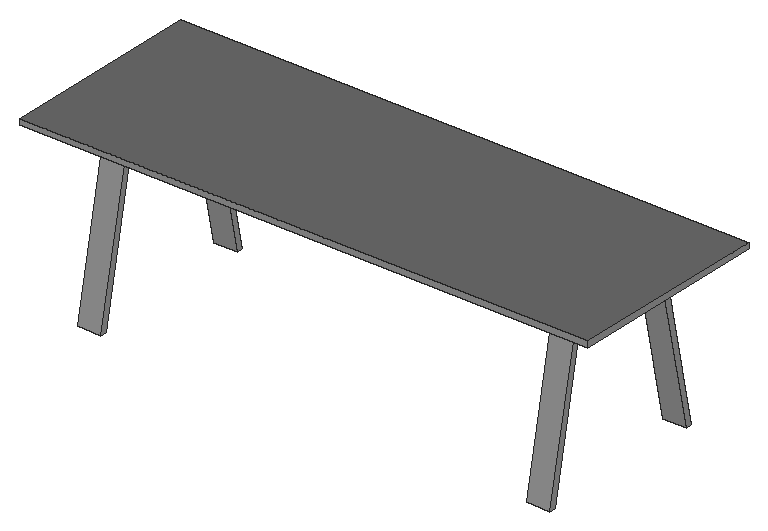
Revit family "Haworth_Cappellini_Bac_Table_Rectangle_EU_PRELIMINARY", category Furniture, Revit 2018
Family settings
  OmniClass Number = 23.40.70.14.64.21
  OmniClass Title = Systems Furniture
  Work Plane-Based = No
  Always vertical = Yes
  Cut with Voids When Loaded = No
  Shared = No
  Room Calculation Point = No
Parameters (values of type "Large Table")
  Warranty = "http://www.haworth.com/resources/product-info/warranties"
  URL - Product = "https://www.haworth.com/eu/en/products/meeting-tables/bac-table.html"
  Top Finish [instance] = Haworth _ Linoleum _ Black E8-307
  Support Offset = 20 cm  # constant formula
  Support Depth = 6.0027 cm  # constant formula
  Small = not(Large)  # no
  Size = "Verify Final Dim. w/ Haworth"  # constant formula
  Model = "BACX"  # constant formula
  URL = "https://www.haworth.com/eu/en.html"
  Support Height = 11 cm  # constant formula
  Revision Number = "4"  # constant formula
  Manufacturer = "Haworth"  # constant formula
  Leg Depth = 10.0013 cm  # constant formula
  Large = yes
  Description = "Haworth - Cappellini - Bac - Table - Rectangle"  # constant formula
  Base Finish [instance] = Haworth _ Wood _ Undecided _ Tables
  Author = "Haworth (Hampton, Abd Rahman)"  # constant formula
  Assembly Code = "E2020200"
  Actual Width = if(Large, 240 cm, 200 cm)  # 240 cm
  Actual Height = 74 cm  # constant formula
  Table Thickness = 2.5 cm  # constant formula
  Actual Depth = 85 cm  # constant formula
Types (3, lengths in cm): name | Small | Large | Actual Width
  (no name) | no | yes | 240
  Small Table | yes | no | 200
  Large Table | no | yes | 240
Reference planes (cm)
  plane 1 "Center F/B": y = -0.403
  plane 2 "Floor": z = 0
  plane 3 "Center L/R": x = 0
  plane 4 "Table Edge Left": x = -120
  plane 5 "Table Edge Right": x = 120
  plane 6 "Table Edge Front": y = -42.903
  plane 7 "Table Edge Back": y = 42.097
  plane 8 "Table Top": z = 74
  plane 9 "masking region": z = 63
  plane 10 "Table Top Bottom": z = 71.5
  plane 11 "Leg Inside Back": y = 2.5984
  plane 12 "Leg Inside Front": y = -3.4044
  plane 13 "Leg Outside Left": x = -100
  plane 14 "Leg Outside Left 2": x = -89.9988
  plane 15 "Leg Inside Left": x = -98.0007
  plane 16 "Leg Inside Left 2": x = -91.998
  plane 17 "Leg Left Center": x = -94.9994
  plane 18 "Leg Outside Right": x = 100
  plane 19 "Leg Outside Right 2": x = 89.9988
  plane 20 "Leg Inside Right": x = 98.0007
  plane 21 "Leg Inside Right 2": x = 91.998
  plane 22 "Leg Center Right": x = 94.9994
  plane 23 "Leg 1": through (1219.2, -22.5529, 71.1217) normal (0, 0.9781, -0.2079)
  plane 24 "Leg 2": through (1219.2, -20.2957, 71.12) normal (0, 0.9781, -0.2079)
  plane 25 "Leg 4": through (1219.2, 21.7389, 71.12) normal (0, 0.9781, 0.2079)
  plane 26 "Leg 3": through (1219.2, 19.4978, 71.1217) normal (0, 0.9781, 0.2079)
Forms (cm)
  Extrusion 1, solid, material "Haworth _ Wood _ Undecided _ Tables" <- "Base Finish"
    sketch origin (0, 0, 0) x (0, 1, 0) y (0, 0, 1)
      loop
        line (-35.4127, 0) -> (-20.2149, 71.5) -> (-22.4725, 71.5) -> (-37.6703, 0) -> (-35.4127, 0)
      loop
        line (34.6152, 0) -> (36.8559, 0) -> (21.6581, 71.5) -> (19.4174, 71.5) -> (34.6152, 0)
    from -100 to -89.9988
  Extrusion 2, solid, material "Haworth _ Wood _ Undecided _ Tables" <- "Base Finish"
    sketch origin (0, 0, 0) x (0, 1, 0) y (0, 0, 1)
      loop
        line (-22.0217, 63) -> (21.2241, 63) -> (19.4174, 71.5) -> (-20.2149, 71.5) -> (-22.0217, 63)
    from -98.0007 to -91.998
  Extrusion 3, solid, material "Haworth _ Wood _ Undecided _ Tables" <- "Base Finish"
    sketch origin (0, 0, 0) x (0, 1, 0) y (0, 0, -1)
      loop
        line (-35.4127, 0) -> (-37.6703, 0) -> (-22.4725, -71.5) -> (-20.2149, -71.5) -> (-35.4127, 0)
      loop
        line (34.6152, 0) -> (19.4174, -71.5) -> (21.6581, -71.5) -> (36.8559, 0) -> (34.6152, 0)
    from -100 to -89.9988
  Extrusion 4, solid, material "Haworth _ Wood _ Undecided _ Tables" <- "Base Finish"
    sketch origin (0, 0, 0) x (0, 1, 0) y (0, 0, -1)
      loop
        line (-22.0217, -63) -> (-20.2149, -71.5) -> (19.4174, -71.5) -> (21.2241, -63) -> (-22.0217, -63)
    from -98.0007 to -91.998
  Extrusion 5, solid, material "Haworth _ Wood _ Undecided _ Tables" <- "Base Finish"
    sketch origin (0, 0, 0) x (0, 1, 0) y (0, 0, 1)
      loop
        line (-3.4044, 71.5) -> (-3.4044, 63) -> (2.5984, 63) -> (2.5984, 71.5) -> (-3.4044, 71.5)
    from -91.998 to 91.998
  Extrusion 6, solid, material "Haworth _ Linoleum _ Black E8-307" <- "Top Finish"
    sketch origin (0, 0, 0) x (1, 0, 0) y (0, 1, 0)
      loop
        line (-120, 42.097) -> (-120, -42.903) -> (120, -42.903) -> (120, 42.097) -> (-120, 42.097)
    from 71.5 to 74
Lines and regions (cm)
  Masking region 1
    outline origin (0, 0, 63) x (0, -1, 0) y (1, 0, 0)
      loop
        line (-42.097, -120) -> (42.903, -120) -> (42.903, 120) -> (-42.097, 120) -> (-42.097, -120)
  symbolic lines, detail levels fine
    curve 1: line (-100, 36.8109, 0) -> (-89.9987, 36.8109, 0)
    curve 2: line (-100, 19.4897, 0) -> (-100, 36.8109, 0)
    curve 3: line (-89.9987, 19.4897, 0) -> (-100, 19.4897, 0)
    curve 4: line (-89.9987, 36.8109, 0) -> (-89.9987, 19.4897, 0)
    curve 5: line (-100, -20.2149, 0) -> (-89.9988, -20.2149, 0)
    curve 6: line (-100, -37.6703, 0) -> (-100, -20.2149, 0)
    curve 7: line (-89.9988, -37.6703, 0) -> (-100, -37.6703, 0)
    curve 8: line (-89.9988, -20.2149, 0) -> (-89.9988, -37.6703, 0)
    curve 9: line (-98.0007, 19.4897, 0) -> (-98.0007, -20.2149, 0)
    curve 10: line (-91.998, 19.4897, 0) -> (-91.998, -20.2149, 0)
    curve 11: line (100, 36.8559, 0) -> (89.9988, 36.8559, 0)
    curve 12: line (100, 19.4897, 0) -> (100, 36.8559, 0)
    curve 13: line (89.9988, 19.4897, 0) -> (100, 19.4897, 0)
    curve 14: line (89.9988, 36.8559, 0) -> (89.9988, 19.4897, 0)
    curve 15: line (100, -20.2957, 0) -> (89.9988, -20.2957, 0)
    curve 16: line (100, -37.6703, 0) -> (100, -20.2957, 0)
    curve 17: line (89.9988, -37.6703, 0) -> (100, -37.6703, 0)
    curve 18: line (89.9988, -20.2957, 0) -> (89.9988, -37.6703, 0)
    curve 19: line (98.0007, 19.4897, 0) -> (98.0007, -20.2957, 0)
    curve 20: line (91.998, 19.4897, 0) -> (91.998, -20.2957, 0)
    curve 21: line (-91.998, 2.5984, 0) -> (91.998, 2.5984, 0)
    curve 22: line (91.998, -3.4044, 0) -> (-91.998, -3.4044, 0)
Dimensions and locks (cm)
  "Actual Depth": plane 7 "Table Edge Back" to plane 6 "Table Edge Front"
  "Actual Width": plane 4 "Table Edge Left" to plane 5 "Table Edge Right"
  equal spacing: plane 4 "Table Edge Left", plane 3 "Center L/R", plane 5 "Table Edge Right"
  equal spacing: plane 7 "Table Edge Back", plane 1 "Center F/B", plane 6 "Table Edge Front"
  "Actual Height": plane 8 "Table Top" to level
  "Support Height": plane 8 "Table Top" to plane 9 "masking region"
  "Table Thickness": plane 8 "Table Top" to plane 10 "Table Top Bottom"
  equal spacing: plane 11 "Leg Inside Back", plane 1 "Center F/B", plane 12 "Leg Inside Front"
  "Support Depth": plane 11 "Leg Inside Back" to plane 12 "Leg Inside Front"
  "Support Offset": plane 4 "Table Edge Left" to plane 13 "Leg Outside Left"
  equal spacing: plane 15 "Leg Inside Left", plane 17 "Leg Left Center", plane 16 "Leg Inside Left 2"
  "Support Depth": plane 15 "Leg Inside Left" to plane 16 "Leg Inside Left 2"
  equal spacing: plane 13 "Leg Outside Left", plane 17 "Leg Left Center", plane 14 "Leg Outside Left 2"
  "Leg Depth": plane 13 "Leg Outside Left" to plane 14 "Leg Outside Left 2"
  equal spacing: plane 20 "Leg Inside Right", plane 22 "Leg Center Right", plane 21 "Leg Inside Right 2"
  equal spacing: plane 18 "Leg Outside Right", plane 22 "Leg Center Right", plane 19 "Leg Outside Right 2"
  "Support Offset": plane 18 "Leg Outside Right" to plane 5 "Table Edge Right"
  "Support Depth": plane 21 "Leg Inside Right 2" to plane 20 "Leg Inside Right"
  "Leg Depth": plane 19 "Leg Outside Right 2" to plane 18 "Leg Outside Right"
  aligned and locked: Extrusion 1 to plane 13 "Leg Outside Left"
  aligned and locked: Extrusion 1 to plane 14 "Leg Outside Left 2"
  aligned: Extrusion 2 to plane 13 "Leg Outside Left"
  aligned and locked: Extrusion 2 to plane 16 "Leg Inside Left 2"
  aligned and locked: Extrusion 2 to plane 15 "Leg Inside Left"
  aligned and locked: curve 2 to Extrusion 1
  aligned and locked: curve 5 to Extrusion 1
  aligned and locked: curve 6 to Extrusion 1
  aligned and locked: curve 7 to Extrusion 1
  aligned and locked: curve 8 to Extrusion 1
  aligned and locked: Extrusion 3 to plane 18 "Leg Outside Right"
  aligned and locked: Extrusion 3 to plane 19 "Leg Outside Right 2"
  aligned and locked: Extrusion 4 to plane 20 "Leg Inside Right"
  aligned and locked: Extrusion 4 to plane 21 "Leg Inside Right 2"
  aligned and locked: curve 12 to plane 18 "Leg Outside Right"
  aligned and locked: curve 16 to plane 18 "Leg Outside Right"
  aligned and locked: plane 20 "Leg Inside Right" to curve 19
  aligned and locked: curve 20 to plane 21 "Leg Inside Right 2"
  aligned and locked: curve 18 to plane 19 "Leg Outside Right 2"
  aligned and locked: curve 14 to plane 19 "Leg Outside Right 2"
  aligned and locked: Extrusion 5 sketch curve to plane 10 "Table Top Bottom"
  aligned and locked: Extrusion 5 sketch curve to plane 12 "Leg Inside Front"
  aligned and locked: Extrusion 5 sketch curve to plane 9 "masking region"
  aligned and locked: Extrusion 5 sketch curve to plane 11 "Leg Inside Back"
  aligned and locked: plane 16 "Leg Inside Left 2" to Extrusion 5
  aligned and locked: plane 21 "Leg Inside Right 2" to Extrusion 5
  aligned and locked: Extrusion 6 sketch curve to plane 7 "Table Edge Back"
  aligned and locked: plane 4 "Table Edge Left" to Extrusion 6 sketch curve
  aligned and locked: plane 6 "Table Edge Front" to Extrusion 6 sketch curve
  aligned and locked: Extrusion 6 sketch curve to plane 5 "Table Edge Right"
  aligned and locked: Extrusion 6 to plane 8 "Table Top"
  aligned and locked: Extrusion 6 to plane 10 "Table Top Bottom"
  aligned and locked: plane 10 "Table Top Bottom" to Extrusion 4
  aligned and locked: Extrusion 4 to plane 24 "Leg 2"
  aligned and locked: Extrusion 4 to plane 26 "Leg 3"
  aligned and locked: plane 9 "masking region" to Extrusion 4
  aligned and locked: plane 9 "masking region" to Extrusion 2
  aligned and locked: plane 10 "Table Top Bottom" to Extrusion 2
  aligned and locked: plane 10 "Table Top Bottom" to Extrusion 3  (x2)
  aligned and locked: plane 10 "Table Top Bottom" to Extrusion 1  (x2)
  aligned and locked: Extrusion 1 to level  (x2)
  aligned and locked: Extrusion 3 to level  (x2)
  aligned and locked: plane 24 "Leg 2" to Extrusion 3
  aligned and locked: Extrusion 3 to plane 23 "Leg 1"
  aligned and locked: Extrusion 3 to plane 26 "Leg 3"
  aligned and locked: Extrusion 3 to plane 25 "Leg 4"
  aligned and locked: curve 21 to plane 11 "Leg Inside Back"
  aligned and locked: curve 22 to plane 12 "Leg Inside Front"
  aligned and locked: Extrusion 3 sketch curve to plane 26 "Leg 3"
  aligned and locked: Extrusion 3 sketch curve to plane 25 "Leg 4"
  aligned and locked: level to Extrusion 3 sketch curve
  aligned and locked: Extrusion 3 sketch curve to plane 10 "Table Top Bottom"
  aligned and locked: plane 10 "Table Top Bottom" to Extrusion 3 sketch curve
  aligned and locked: plane 23 "Leg 1" to Extrusion 3 sketch curve
  aligned and locked: plane 24 "Leg 2" to Extrusion 3 sketch curve
  aligned and locked: Extrusion 3 sketch curve to level
  aligned and locked: Extrusion 4 sketch curve to plane 26 "Leg 3"
  aligned and locked: plane 24 "Leg 2" to Extrusion 4 sketch curve
  aligned and locked: Extrusion 4 sketch curve to plane 9 "masking region"
  aligned and locked: Extrusion 4 sketch curve to plane 10 "Table Top Bottom"
  aligned and locked: Masking region 1 sketch curve to plane 7 "Table Edge Back"
  aligned and locked: plane 4 "Table Edge Left" to Masking region 1 sketch curve
  aligned and locked: plane 6 "Table Edge Front" to Masking region 1 sketch curve
  aligned and locked: Masking region 1 sketch curve to plane 5 "Table Edge Right"
  aligned and locked: plane 24 "Leg 2" to Extrusion 2 sketch curve
  aligned and locked: Extrusion 2 sketch curve to plane 26 "Leg 3"
  aligned and locked: Extrusion 2 sketch curve to plane 10 "Table Top Bottom"
  aligned and locked: Extrusion 2 sketch curve to plane 9 "masking region"
  aligned and locked: plane 23 "Leg 1" to Extrusion 1 sketch curve
  aligned and locked: plane 24 "Leg 2" to Extrusion 1 sketch curve
  aligned and locked: Extrusion 1 sketch curve to plane 26 "Leg 3"
  aligned and locked: Extrusion 1 sketch curve to plane 25 "Leg 4"
  aligned and locked: Extrusion 1 sketch curve to plane 10 "Table Top Bottom"
  aligned and locked: plane 10 "Table Top Bottom" to Extrusion 1 sketch curve
  aligned and locked: Extrusion 1 sketch curve to level
  aligned and locked: level to Extrusion 1 sketch curve
Automatic sketch dimensions
  curve 9 to plane 15 "Leg Inside Left" = 0 cm
  curve 21 to plane 16 "Leg Inside Left 2" = 0 cm
  curve 4 to plane 14 "Leg Outside Left 2" = 0 cm
  plane 6 "Table Edge Front" to curve 18 = 5.2327 cm
  plane 12 "Leg Inside Front" to curve 16 = 16.8913 cm
  plane 11 "Leg Inside Back" to curve 13 = 16.8913 cm
  plane 11 "Leg Inside Back" to curve 4 = 16.8913 cm
  curve 1 to plane 7 "Table Edge Back" = 5.2861 cm
  curve 11 to plane 7 "Table Edge Back" = 5.2411 cm
